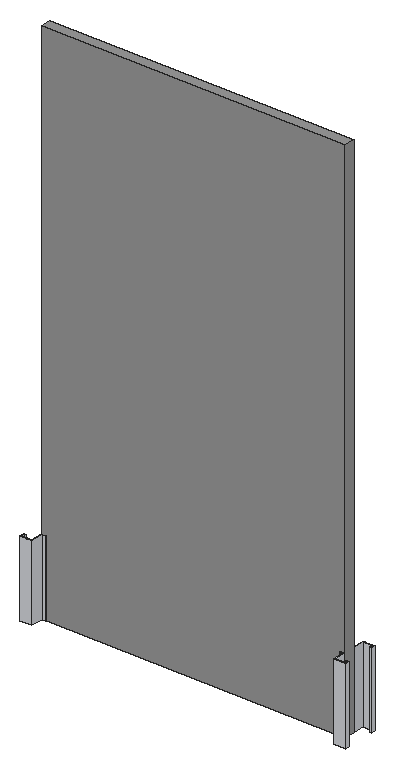
Revit family "Door 6", category Doors, host Wall, Revit 2025
Family settings
  Host = Wall
  OmniClass Number = 23.30.10.00
  OmniClass Title = Doors
  Always vertical = Yes
  Cut with Voids When Loaded = No
  Shared = No
  Room Calculation Point = No
Parameters (values of type "Standard")
  Type Comments = "3A"
  Thickness = 0' - 1 3/4"
  Rough Width = Width + (Frame Thickness * 2)  # 4' - 4"
  Rough Thickness = 0' - 4 1/2"
  Rough Height = Height + Frame Head  # 7' - 4"
  Model = "C"
  Glass Thickness = 0' - 0 1/4"
  Function = Interior
  Frame X = 0' - 0 1/8"
  Frame Thickness = 0' - 2"
  Height = 7' - 0"
  Wall Closure = By host
  Width = 4' - 0"
  Frame Thick = 0' - 0.96775"
  Frame Material = Hollow Metal
  Frame Head = 0' - 4"
  Door Material = Hollow Metal
  Define Thermal Properties by = Schematic Type
  Cut = 4' - 0"
  Analytic Construction = "<None>"
Reference planes (in)
  plane 1 "Center (Front/Back)": y = 0
  plane 2 "Center (Left/Right)": x = 0
  plane 3 "Top": z = 88
  plane 4 "Exterior": y = 2.25
  plane 5 "Interior": y = -2.25
  plane 6: z = 84
  plane 7 "Door Ref Exterior": y = 0.875
  plane 8 "Door Ref Interior": y = -0.875
  plane 9: x = -24
  plane 10: x = 24
  plane 11: x = -25.75
Forms (in)
  Extrusion 1, solid, material "Hollow Metal" <- "Door Material", detail levels medium+fine
    sketch origin (0, 0, 0) x (1, 0, 0) y (0, 0, 1)
      loop
        line (-24, 0) -> (24, 0) -> (24, 84) -> (-24, 84) -> (-24, 0)
    from -0.875 to 0.875
  Extrusion 2, solid
    sketch origin (0, 0, 0) x (1, 0, 0) y (0, 1, 0)
      loop
        line (-24, 0.875) -> (-23.375, 0.875) -> (-23.375, -0.875) -> (-24, -0.875) -> (-24, -2.75) -> (-25.625, -2.75) -> (-25.625, -2.375) -> (-25.375, -2.375) -> (-25.375, -2.25) -> (-25.75, -2.25) -> (-25.75, -2.875) -> (-23.875, -2.875) -> (-23.875, -1) -> (-23.25, -1) -> (-23.25, 1) -> (-23.875, 1) -> (-23.875, 2.75) -> (-25.75, 2.75) -> (-25.75, 2.25) -> (-25.375, 2.25) -> (-25.375, 2.375) -> (-25.625, 2.375) -> (-25.625, 2.625) -> (-24, 2.625) -> (-24, 0.875)
      loop
        line (24, 0.875) -> (24, 2.625) -> (25.625, 2.625) -> (25.625, 2.375) -> (25.375, 2.375) -> (25.375, 2.25) -> (25.75, 2.25) -> (25.75, 2.75) -> (23.875, 2.75) -> (23.875, 1) -> (23.25, 1) -> (23.25, -1) -> (23.875, -1) -> (23.875, -2.875) -> (25.75, -2.875) -> (25.75, -2.25) -> (25.375, -2.25) -> (25.375, -2.375) -> (25.625, -2.375) -> (25.625, -2.75) -> (24, -2.75) -> (24, -0.875) -> (23.375, -0.875) -> (23.375, 0.875) -> (24, 0.875)
    from 0 to 12
Lines and regions (in)
  Opening 1
    outline origin (-90, -2.25, 0) x (1, 0, 0) y (0, 0, 1)
      loop
        line (66, 0) -> (114, 0) -> (114, 88) -> (66, 88) -> (66, 0)
  symbolic lines
    curve 1: line (40.65659, 48.27885, 0) -> (42.65659, 48.27885, 0)
    curve 2: line (42.65659, 48.27885, 0) -> (42.65659, 46.90385, 0)
    curve 3: line (42.65659, 46.90385, 0) -> (43.28159, 46.90385, 0)
    curve 4: line (43.28159, 46.90385, 0) -> (43.28159, 45.15385, 0)
    curve 5: line (43.28159, 45.15385, 0) -> (42.65659, 45.15385, 0)
    curve 6: line (42.65659, 45.15385, 0) -> (42.65659, 43.77885, 0)
    curve 7: line (42.65659, 43.77885, 0) -> (40.65659, 43.77885, 0)
    curve 8: line (40.65659, 43.77885, 0) -> (40.65659, 44.27885, 0)
    curve 9: line (40.65659, 44.27885, 0) -> (40.78159, 44.27885, 0)
    curve 10: line (40.78159, 44.27885, 0) -> (40.78159, 43.90385, 0)
    curve 11: line (40.78159, 43.90385, 0) -> (42.53159, 43.90385, 0)
    curve 12: line (42.53159, 43.90385, 0) -> (42.53159, 45.27885, 0)
    curve 13: line (42.53159, 45.27885, 0) -> (43.15659, 45.27885, 0)
    curve 14: line (43.15659, 45.27885, 0) -> (43.15659, 46.77885, 0)
    curve 15: line (43.15659, 46.77885, 0) -> (42.53159, 46.77885, 0)
    curve 16: line (42.53159, 46.77885, 0) -> (42.53159, 48.15385, 0)
    curve 17: line (42.53159, 48.15385, 0) -> (40.78159, 48.15385, 0)
    curve 18: line (40.78159, 48.15385, 0) -> (40.78159, 47.77885, 0)
    curve 19: line (40.78159, 47.77885, 0) -> (40.65659, 47.77885, 0)
    curve 20: line (40.65659, 47.77885, 0) -> (40.65659, 48.27885, 0)
    curve 41: line (92.65659, 48.27885, 0) -> (90.65659, 48.27885, 0)
    curve 42: line (90.65659, 49.33368, 0) -> (90.65659, 46.90385, 0)
    curve 43: line (90.65659, 46.90385, 0) -> (90.03159, 46.90385, 0)
    curve 44: line (90.03159, 46.90385, 0) -> (90.03159, 45.15385, 0)
    curve 45: line (90.03159, 45.15385, 0) -> (90.65659, 45.15385, 0)
    curve 46: line (90.65659, 45.15385, 0) -> (90.65659, 43.77885, 0)
    curve 47: line (90.65659, 43.77885, 0) -> (92.65659, 43.77885, 0)
    curve 48: line (92.65659, 43.77885, 0) -> (92.65659, 44.27885, 0)
    curve 49: line (92.65659, 44.27885, 0) -> (92.53159, 44.27885, 0)
    curve 50: line (92.53159, 44.27885, 0) -> (92.53159, 43.90385, 0)
    curve 51: line (92.53159, 43.90385, 0) -> (90.78159, 43.90385, 0)
    curve 52: line (90.78159, 43.90385, 0) -> (90.78159, 45.27885, 0)
    curve 53: line (90.78159, 45.27885, 0) -> (90.15659, 45.27885, 0)
    curve 54: line (90.15659, 45.27885, 0) -> (90.15659, 46.77885, 0)
    curve 55: line (90.15659, 46.77885, 0) -> (90.78159, 46.77885, 0)
    curve 56: line (90.78159, 46.77885, 0) -> (90.78159, 48.15385, 0)
    curve 57: line (90.78159, 48.15385, 0) -> (92.53159, 48.15385, 0)
    curve 58: line (92.53159, 48.15385, 0) -> (92.53159, 47.77885, 0)
    curve 59: line (92.53159, 47.77885, 0) -> (92.65659, 47.77885, 0)
    curve 60: line (92.65659, 47.77885, 0) -> (92.65659, 48.27885, 0)
    curve 61: line (42.65659, 48.27885, 0) -> (42.65659, 96.27885, 0)
    curve 62: line (42.65659, 96.27885, 0) -> (43.71142, 96.27885, 0)
    curve 63: line (44.40659, 96.2737, 0) -> (44.40659, 48.27885, 0)
    curve 64: line (42.65659, 48.27885, 0) -> (90.65659, 48.27885, 0)
    curve 89: arc (43.71142, 96.27885, 0) -> (76.90667, 82.52893, 0) -> (90.65659, 49.33368, 0) r 46.94517
    curve 135: line (42.65659, 43.77885, 0) -> (90.65659, 43.77885, 0)
  symbolic lines, not visible
    curve 21: line (-26, 2.25, 0) -> (-24, 2.25, 0)
    curve 22: line (-24, 2.25, 0) -> (-24, 0.875, 0)
    curve 23: line (-24, 0.875, 0) -> (-23.375, 0.875, 0)
    curve 24: line (-23.375, 0.875, 0) -> (-23.375, -0.875, 0)
    curve 25: line (-23.375, -0.875, 0) -> (-24, -0.875, 0)
    curve 26: line (-24, -0.875, 0) -> (-24, -2.25, 0)
    curve 27: line (-24, -2.25, 0) -> (-26, -2.25, 0)
    curve 28: line (-26, -2.25, 0) -> (-26, -1.75, 0)
    curve 29: line (-26, -1.75, 0) -> (-25.875, -1.75, 0)
    curve 30: line (-25.875, -1.75, 0) -> (-25.875, -2.125, 0)
    curve 31: line (-25.875, -2.125, 0) -> (-24.125, -2.125, 0)
    curve 32: line (-24.125, -2.125, 0) -> (-24.125, -0.75, 0)
    curve 33: line (-24.125, -0.75, 0) -> (-23.5, -0.75, 0)
    curve 34: line (-23.5, -0.75, 0) -> (-23.5, 0.75, 0)
    curve 35: line (-23.5, 0.75, 0) -> (-24.125, 0.75, 0)
    curve 36: line (-24.125, 0.75, 0) -> (-24.125, 2.125, 0)
    curve 37: line (-24.125, 2.125, 0) -> (-25.875, 2.125, 0)
    curve 38: line (-25.875, 2.125, 0) -> (-25.875, 1.75, 0)
    curve 39: line (-25.875, 1.75, 0) -> (-26, 1.75, 0)
    curve 40: line (-26, 1.75, 0) -> (-26, 2.25, 0)
    curve 65: line (24, 2.25, 0) -> (22, 2.25, 0)
    curve 66: line (22, 50.25, 0) -> (22, 0.875, 0)
    curve 67: line (22, 0.875, 0) -> (21.375, 0.875, 0)
    curve 68: line (21.375, 0.875, 0) -> (21.375, -0.875, 0)
    curve 69: line (21.375, -0.875, 0) -> (22, -0.875, 0)
    curve 70: line (22, -0.875, 0) -> (22, -2.25, 0)
    curve 71: line (22, -2.25, 0) -> (24, -2.25, 0)
    curve 72: line (24, -2.25, 0) -> (24, -1.75, 0)
    curve 73: line (24, -1.75, 0) -> (23.875, -1.75, 0)
    curve 74: line (23.875, -1.75, 0) -> (23.875, -2.125, 0)
    curve 75: line (23.875, -2.125, 0) -> (22.125, -2.125, 0)
    curve 76: line (22.125, -2.125, 0) -> (22.125, -0.75, 0)
    curve 77: line (22.125, -0.75, 0) -> (21.5, -0.75, 0)
    curve 78: line (21.5, -0.75, 0) -> (21.5, 0.75, 0)
    curve 79: line (21.5, 0.75, 0) -> (22.125, 0.75, 0)
    curve 80: line (22.125, 0.75, 0) -> (22.125, 2.125, 0)
    curve 81: line (22.125, 2.125, 0) -> (23.875, 2.125, 0)
    curve 82: line (23.875, 2.125, 0) -> (23.875, 1.75, 0)
    curve 83: line (23.875, 1.75, 0) -> (24, 1.75, 0)
    curve 84: line (24, 1.75, 0) -> (24, 2.25, 0)
    curve 85: line (-24, 2.25, 0) -> (-24, 50.25, 0)
    curve 86: line (-24, 50.25, 0) -> (22, 50.25, 0)
    curve 87: line (-22.25, 50.25, 0) -> (-22.25, 2.25, 0)
    curve 88: line (-24, 2.25, 0) -> (-22.25, 2.25, 0)
    curve 90: line (-26, 2.25, 0) -> (-24, 2.25, 0)
    curve 91: line (-24, 2.25, 0) -> (-24, 0.875, 0)
    curve 92: line (-24, 0.875, 0) -> (-23.375, 0.875, 0)
    curve 93: line (-23.375, 0.875, 0) -> (-23.375, -0.875, 0)
    curve 94: line (-23.375, -0.875, 0) -> (-24, -0.875, 0)
    curve 95: line (-24, -0.875, 0) -> (-24, -2.25, 0)
    curve 96: line (-24, -2.25, 0) -> (-26, -2.25, 0)
    curve 97: line (-26, -2.25, 0) -> (-26, -1.75, 0)
    curve 98: line (-26, -1.75, 0) -> (-25.875, -1.75, 0)
    curve 99: line (-25.875, -1.75, 0) -> (-25.875, -2.125, 0)
    curve 100: line (-25.875, -2.125, 0) -> (-24.125, -2.125, 0)
    curve 101: line (-24.125, -2.125, 0) -> (-24.125, -0.75, 0)
    curve 102: line (-24.125, -0.75, 0) -> (-23.5, -0.75, 0)
    curve 103: line (-23.5, -0.75, 0) -> (-23.5, 0.75, 0)
    curve 104: line (-23.5, 0.75, 0) -> (-24.125, 0.75, 0)
    curve 105: line (-24.125, 0.75, 0) -> (-24.125, 2.125, 0)
    curve 106: line (-24.125, 2.125, 0) -> (-25.875, 2.125, 0)
    curve 107: line (-25.875, 2.125, 0) -> (-25.875, 1.75, 0)
    curve 108: line (-25.875, 1.75, 0) -> (-26, 1.75, 0)
    curve 109: line (-26, 1.75, 0) -> (-26, 2.25, 0)
    curve 110: line (26, 2.25, 0) -> (24, 2.25, 0)
    curve 111: line (24, 3.30483, 0) -> (24, 0.875, 0)
    curve 112: line (24, 0.875, 0) -> (23.375, 0.875, 0)
    curve 113: line (23.375, 0.875, 0) -> (23.375, -0.875, 0)
    curve 114: line (23.375, -0.875, 0) -> (24, -0.875, 0)
    curve 115: line (24, -0.875, 0) -> (24, -2.25, 0)
    curve 116: line (24, -2.25, 0) -> (26, -2.25, 0)
    curve 117: line (26, -2.25, 0) -> (26, -1.75, 0)
    curve 118: line (26, -1.75, 0) -> (25.875, -1.75, 0)
    curve 119: line (25.875, -1.75, 0) -> (25.875, -2.125, 0)
    curve 120: line (25.875, -2.125, 0) -> (24.125, -2.125, 0)
    curve 121: line (24.125, -2.125, 0) -> (24.125, -0.75, 0)
    curve 122: line (24.125, -0.75, 0) -> (23.5, -0.75, 0)
    curve 123: line (23.5, -0.75, 0) -> (23.5, 0.75, 0)
    curve 124: line (23.5, 0.75, 0) -> (24.125, 0.75, 0)
    curve 125: line (24.125, 0.75, 0) -> (24.125, 2.125, 0)
    curve 126: line (24.125, 2.125, 0) -> (25.875, 2.125, 0)
    curve 127: line (25.875, 2.125, 0) -> (25.875, 1.75, 0)
    curve 128: line (25.875, 1.75, 0) -> (26, 1.75, 0)
    curve 129: line (26, 1.75, 0) -> (26, 2.25, 0)
    curve 130: line (-24, 2.25, 0) -> (-24, 50.25, 0)
    curve 131: line (-24, 50.25, 0) -> (-22.94517, 50.25, 0)
    curve 132: line (-22.25, 50.24485, 0) -> (-22.25, 2.25, 0)
    curve 133: line (-24, 2.25, 0) -> (24, 2.25, 0)
    curve 134: arc (-22.94517, 50.25, 0) -> (10.25008, 36.50008, 0) -> (24, 3.30483, 0) r 46.94517
    curve 136: line (-24, -2.25, 0) -> (24, -2.25, 0)
Text (in)
  text "Exterior" at (-74.96733, 27.31104, 0), in view "Ref. Level"
  text "Interior" at (-74.96733, -25.14366, 0), in view "Ref. Level"
  text "Exterior" at (0, 40.15149, 123.01588), in view "Right"
  text "Interior" at (0, -64.39139, 123.01588), in view "Right"
  text "Interior" at (0, -31.01599, 123.00693), in view "Left"
  text "Exterior" at (0, 54.57065, 123.00693), in view "Left"
Dimensions and locks (in)
  "Rough Height": plane 3 "Top" to level
  "Height": Extrusion 1 sketch curve to level
  equal spacing: plane 7 "Door Ref Exterior", plane 1 "Center (Front/Back)", plane 8 "Door Ref Interior"
  "Thickness": plane 7 "Door Ref Exterior" to plane 8 "Door Ref Interior"
  equal spacing: plane 10, plane 2 "Center (Left/Right)", plane 9
  "Cut": plane 10 to plane 9
  "Frame X": Extrusion 2 sketch curve to plane 7 "Door Ref Exterior"  (x2)
  "Frame X": plane 8 "Door Ref Interior" to Extrusion 2 sketch curve  (x2)
  "Frame X": plane 5 "Interior" to Extrusion 2 sketch curve
  "Frame X": plane 9 to Extrusion 2 sketch curve  (x2)
  Extrusion 2 sketch curve to Extrusion 2 sketch curve = 0' - 0 3/8"
  "Frame X": Extrusion 2 sketch curve to Extrusion 2 sketch curve  (x8)
  "Frame X": plane 4 "Exterior" to Extrusion 2 sketch curve  (x2)
  Extrusion 2 sketch curve to plane 4 "Exterior" = 0' - 0 3/8"
  plane 11 to Extrusion 2 sketch curve = 0' - 1 3/4"
  Extrusion 2 sketch curve to plane 9 = 0' - 1 3/8"  (x2)
  "Frame X": Extrusion 2 sketch curve to plane 5 "Interior"
  "Frame X": Extrusion 2 sketch curve to plane 10  (x2)
  plane 4 "Exterior" to Extrusion 2 sketch curve = 0' - 0 3/8"
  Extrusion 2 sketch curve to plane 5 "Interior" = 0' - 0 1/2"
  plane 10 to Extrusion 2 sketch curve = 0' - 1 3/8"  (x2)
  aligned and locked: plane 4 "Exterior" to host wall
  aligned and locked: plane 5 "Interior" to host wall
  aligned and locked: Extrusion 1 to plane 7 "Door Ref Exterior"
  aligned and locked: Extrusion 1 to plane 8 "Door Ref Interior"
  aligned and locked: host wall to plane 1 "Center (Front/Back)"
  aligned and locked: plane 9 to Opening 1 sketch curve
  aligned and locked: plane 10 to Opening 1 sketch curve
  aligned and locked: plane 9 to Extrusion 2 sketch curve
  aligned and locked: plane 7 "Door Ref Exterior" to Extrusion 2 sketch curve
  aligned and locked: plane 8 "Door Ref Interior" to Extrusion 2 sketch curve
  aligned and locked: plane 5 "Interior" to Extrusion 2 sketch curve
  aligned and locked: plane 4 "Exterior" to Extrusion 2 sketch curve
  aligned and locked: Extrusion 2 sketch curve to plane 4 "Exterior"
  aligned and locked: plane 10 to Extrusion 2 sketch curve
  aligned and locked: Extrusion 2 sketch curve to plane 10
  aligned and locked: Extrusion 2 sketch curve to plane 5 "Interior"
Automatic sketch dimensions
  Opening 1 sketch curve to level = 0' - 0"
  Opening 1 sketch curve to plane 3 "Top" = 0' - 0"
  Extrusion 1 sketch curve to level = 0' - 0"
  curve 8 to curve 19 = 0' - 4"
  curve 8 to curve 10 = 0' - 0 1/8"  (x2)
  curve 1 to curve 18 = 0' - 0.17678"
  curve 18 to curve 15 = 0' - 2.01556"
  curve 13 to curve 15 = 0' - 1 1/2"
  curve 11 to curve 7 = 0' - 0.17678"
  curve 1 to curve 61 = 4' - 0.04165"
  curve 5 to curve 13 = 0' - 0.51539"
  curve 14 to curve 3 = 0' - 0.17678"
  curve 1 to curve 63 = 0' - 1 3/4"
  curve 63 to curve 45 = 3' - 9.7319"
  curve 43 to curve 55 = 0' - 0.17678"
  curve 54 to curve 43 = 0' - 0.51539"
  curve 53 to curve 45 = 0' - 0.51539"
  curve 45 to curve 52 = 0' - 0.17678"
  curve 41 to curve 57 = 0' - 0.17678"
  curve 51 to curve 49 = 0' - 1.78973"
  curve 56 to curve 57 = 0' - 1 3/4"
  curve 49 to curve 48 = 0' - 0 1/8"
  curve 57 to curve 60 = 0' - 0.17678"
  curve 7 to curve 46 = 4' - 2"
  curve 6 to curve 11 = 0' - 0.17678"
  curve 47 to curve 51 = 0' - 0.17678"
  curve 10 to curve 9 = 0' - 0.39528"
  curve 50 to curve 48 = 0' - 0.39528"
  curve 11 to curve 6 = 0' - 1.25623"
  curve 51 to curve 45 = 0' - 1.45774"
  curve 44 to curve 54 = 0' - 0.17678"
  curve 4 to curve 14 = 0' - 0.17678"
  curve 53 to curve 54 = 0' - 1 1/2"  (x2)
  curve 12 to curve 16 = 0' - 1 1/2"
  curve 54 to curve 44 = 0' - 0.17678"
  curve 15 to curve 2 = 0' - 0.17678"
  curve 15 to curve 19 = 0' - 2.01556"
  curve 55 to curve 60 = 0' - 2 1/8"
  curve 42 to curve 56 = 0' - 1.25623"
  curve 18 to curve 18 = 0' - 0 3/8"  (x2)
  curve 16 to curve 64 = 0' - 0.17678"
  curve 57 to curve 41 = 0' - 0.17678"
  curve 41 to curve 42 = 0' - 1.05483"
  curve 28 to curve 39 = 0' - 0"
  curve 28 to curve 30 = 0' - 0 1/8"
  curve 21 to curve 38 = 0' - 0 1/8"
  curve 38 to curve 35 = 0' - 1 3/4"
  curve 33 to curve 35 = 0' - 0"
  curve 31 to curve 27 = 0' - 0 1/8"
  curve 21 to curve 85 = 0' - 2"
  curve 25 to curve 33 = 0' - 0 1/2"
  curve 34 to curve 23 = 0' - 0 1/8"
  curve 21 to curve 87 = 0' - 1 3/4"
  curve 87 to curve 69 = 3' - 7 5/8"
  curve 67 to curve 79 = 0' - 0 1/8"
  curve 78 to curve 67 = 0' - 0 1/2"
  curve 77 to curve 69 = 0' - 0 1/2"
  curve 69 to curve 76 = 0' - 0 1/8"
  curve 65 to curve 81 = 0' - 0 1/8"
  curve 75 to curve 73 = 0' - 1 3/4"
  curve 80 to curve 81 = 0' - 1 3/4"
  curve 73 to curve 72 = 0' - 0 1/8"
  curve 81 to curve 84 = 0' - 0 1/8"
  curve 27 to curve 70 = 0' - 0"
  curve 26 to curve 31 = 0' - 0 1/8"
  curve 71 to curve 75 = 0' - 0 1/8"
  curve 30 to curve 29 = 0' - 0 3/8"
  curve 74 to curve 72 = 0' - 0 3/8"
  curve 31 to curve 26 = 0' - 1 1/4"
  curve 75 to curve 69 = 0' - 1 1/4"
  curve 68 to curve 78 = 0' - 0 1/8"
  curve 24 to curve 34 = 0' - 0 1/8"
  curve 77 to curve 78 = 0' - 1 1/2"
  curve 32 to curve 36 = 0' - 1 1/2"
  curve 78 to curve 68 = 0' - 0 1/8"
  curve 35 to curve 22 = 0' - 0 1/8"
  curve 35 to curve 39 = 0' - 1"
  curve 79 to curve 84 = 0' - 1"
  curve 66 to curve 80 = 0' - 1 1/4"
  curve 38 to curve 38 = 0' - 0 3/8"
  curve 36 to curve 88 = 0' - 0 1/8"
  curve 81 to curve 65 = 0' - 0 1/8"
  curve 65 to curve 66 = 4' - 0"
  curve 7 to curve 19 = 0' - 0"
  curve 1 to curve 17 = 0' - 0 1/8"
  curve 17 to curve 16 = 0' - 1 3/4"
  curve 13 to curve 15 = 0' - 0"
  curve 11 to curve 135 = 0' - 0 1/8"
  curve 1 to curve 62 = 0' - 2"
  curve 2 to curve 15 = 0' - 0 1/2"
  curve 13 to curve 5 = 0' - 0 1/8"
  curve 1 to curve 89 = 0' - 1.05483"
  curve 89 to curve 44 = 3' - 10.32017"
  curve 43 to curve 55 = 0' - 0 1/8"
  curve 44 to curve 46 = 0' - 0 5/8"
  curve 54 to curve 43 = 0' - 0 1/2"
  curve 45 to curve 53 = 0' - 0 1/8"
  curve 42 to curve 56 = 0' - 0 1/8"
  curve 56 to curve 58 = 0' - 1 3/4"
  curve 51 to curve 51 = 0' - 1 3/4"
  curve 57 to curve 60 = 0' - 0 1/8"
  curve 49 to curve 49 = 0' - 0 1/8"
  curve 47 to curve 51 = 0' - 0 1/8"
  curve 6 to curve 12 = 0' - 0 1/8"
  curve 10 to curve 9 = 0' - 0 3/8"
  curve 50 to curve 49 = 0' - 0 3/8"
  curve 11 to curve 5 = 0' - 1 1/4"
  curve 51 to curve 46 = 0' - 1 1/4"
  curve 44 to curve 53 = 0' - 0 1/8"
  curve 5 to curve 13 = 0' - 0 1/8"
  curve 13 to curve 14 = 0' - 1 1/2"
  curve 54 to curve 43 = 0' - 0 1/8"
  curve 14 to curve 4 = 0' - 0 1/8"
  curve 55 to curve 58 = 0' - 1"
  curve 15 to curve 20 = 0' - 1"
  curve 58 to curve 58 = 0' - 0 3/8"
  curve 17 to curve 1 = 0' - 0 1/8"
  curve 57 to curve 41 = 0' - 0 1/8"
  curve 62 to curve 63 = 0' - 0.69517"
  curve 63 to curve 89 = 0' - 1.05483"
  curve 96 to curve 108 = 0' - 0"
  curve 97 to curve 99 = 0' - 0 1/8"
  curve 90 to curve 106 = 0' - 0 1/8"
  curve 106 to curve 105 = 0' - 1 3/4"
  curve 102 to curve 104 = 0' - 0"
  curve 100 to curve 136 = 0' - 0 1/8"
  curve 90 to curve 131 = 0' - 2"
  curve 91 to curve 104 = 0' - 0 1/2"
  curve 102 to curve 94 = 0' - 0 1/8"
  curve 90 to curve 134 = 0' - 1.05483"
  curve 134 to curve 113 = 3' - 10.32017"
  curve 112 to curve 124 = 0' - 0 1/8"
  curve 113 to curve 115 = 0' - 0 5/8"
  curve 123 to curve 112 = 0' - 0 1/2"
  curve 114 to curve 122 = 0' - 0 1/8"
  curve 111 to curve 125 = 0' - 0 1/8"
  curve 125 to curve 127 = 0' - 1 3/4"
  curve 120 to curve 120 = 0' - 1 3/4"
  curve 126 to curve 129 = 0' - 0 1/8"
  curve 118 to curve 118 = 0' - 0 1/8"
  curve 116 to curve 120 = 0' - 0 1/8"
  curve 95 to curve 101 = 0' - 0 1/8"
  curve 99 to curve 98 = 0' - 0 3/8"
  curve 119 to curve 118 = 0' - 0 3/8"
  curve 100 to curve 94 = 0' - 1 1/4"
  curve 120 to curve 115 = 0' - 1 1/4"
  curve 113 to curve 122 = 0' - 0 1/8"
  curve 94 to curve 102 = 0' - 0 1/8"
  curve 122 to curve 123 = 0' - 1 1/2"
  curve 102 to curve 103 = 0' - 1 1/2"
  curve 123 to curve 112 = 0' - 0 1/8"
  curve 103 to curve 93 = 0' - 0 1/8"
  curve 124 to curve 127 = 0' - 1"
  curve 104 to curve 109 = 0' - 1"
  curve 107 to curve 107 = 0' - 0 3/8"
  curve 127 to curve 127 = 0' - 0 3/8"
  curve 106 to curve 90 = 0' - 0 1/8"
  curve 126 to curve 110 = 0' - 0 1/8"
  curve 131 to curve 132 = 0' - 0.69517"
  curve 132 to curve 134 = 0' - 1.05483"
  Extrusion 1 sketch curve to plane 9 = 0' - 0"
  Extrusion 1 sketch curve to plane 10 = 0' - 0"
  Extrusion 2 sketch curve to plane 11 = 0' - 0"  (x2)
  plane 8 "Door Ref Interior" to Extrusion 2 sketch curve = 0' - 0"
  plane 7 "Door Ref Exterior" to Extrusion 2 sketch curve = 0' - 0"
  plane 11 to Extrusion 2 sketch curve = 0' - 0 1/8"
  Extrusion 2 sketch curve to Extrusion 2 sketch curve = 0' - 0 1/2"
  Extrusion 2 sketch curve to Extrusion 2 sketch curve = 0' - 0 1/8"
  Extrusion 2 sketch curve to Extrusion 2 sketch curve = 0' - 0 5/8"
  Extrusion 2 sketch curve to Extrusion 2 sketch curve = 0' - 0 1/4"  (x2)
